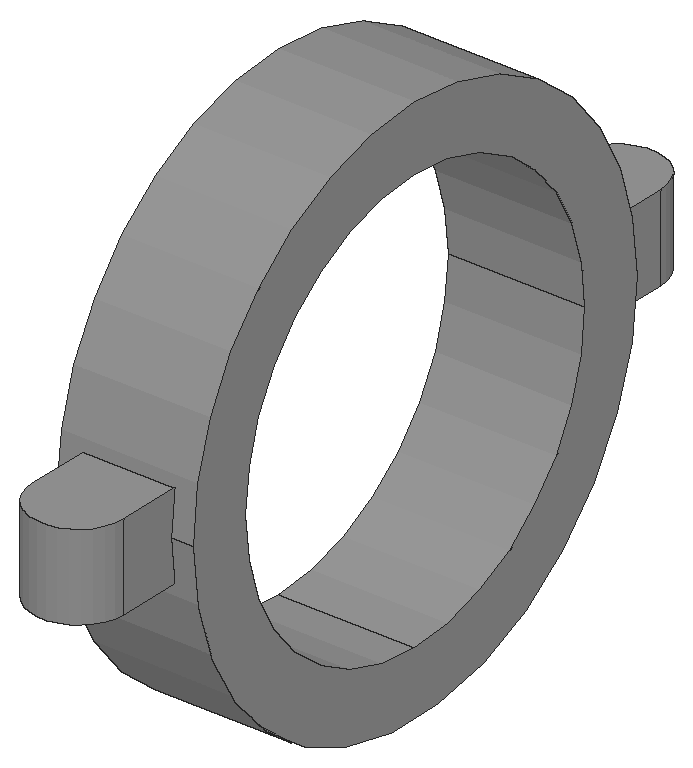
Revit family "Victaulic-IPS-Flexible Coupling-Style 77", category Pipe Fittings, Revit 2027
Family settings
  Round Connector Dimension = Use Radius
  Part Type = Flange
  Classification Number = 23.60.30.11.14
  Work Plane-Based = No
  Always vertical = Yes
  Cut with Voids When Loaded = No
  Shared = Yes
Parameters (values of type "Standard")
  Y [instance] = ((NDY / 2) - (NDX)) + 0.250"  # 1.875"
  Vic_Version = "1706013992"  # constant formula
  Vic_Submittal No = "06.04"  # constant formula
  URL = "http://www.Victaulic.com"
  Radius [instance] = (size_lookup(Lookup Table Name, "POD", Nominal Diameter, Nominal Diameter) / 2)  # 3.3125"
  Nominal Radius [instance] = 3.000"
  Nominal Diameter [instance] = Nominal Radius * 2  # 6.000"
  NDZ/4 [instance] = NDZ / 3  # 0.710"
  NDZ [instance] = size_lookup(Lookup Table Name, "NZ", 1.100", Nominal Diameter)  # 2.130"
  NDY/2 [instance] = NDY / 2  # 5.940"
  NDY [instance] = size_lookup(Lookup Table Name, "NY", 2.120", Nominal Diameter)  # 11.880"
  NDX [instance] = (size_lookup(Lookup Table Name, "NX", 1.000", Nominal Diameter) / 2)  # 4.315"
  N [instance] = Radius  # 3.3125"
  Model = "Style 77"  # constant formula
  Material = Victaulic
  Manufacturer = "VICTAULIC"  # constant formula
  Loss Method = K Coefficient from Table
  Lookup Table Name [instance] = "Victaulic-IPS-Flexible Coupling-Style 77"  # constant formula
  K Coefficient Table = "Reducer/Coupling/Union/Increaser"
  built-in parameter 1114238 [instance] = size_lookup(Lookup Table Name, "POD", 0.000", Nominal Diameter) = 0.000"  # (empty or 0)
  Description BOM [instance] = "VIC COUPLING STYLE 77 (FLEX)"  # constant formula
  Description = "VIC COUPLING STYLE 77 (FLEX)"  # constant formula
  Default Elevation = 0.000"
  DVL [instance] = size_lookup(Lookup Table Name, "DVL", 1.100", Nominal Diameter)  # 0.065"
  DV [instance] = size_lookup(Lookup Table Name, "DV", 1.100", Nominal Diameter)  # 0.230"
  Custom Tag = "(77 FLEX)"  # constant formula
  CoupGap [instance] = size_lookup(Lookup Table Name, "CoupGap", 0.750", Nominal Diameter)  # 0.065"
  Assembly Code = "D2090800"
Reference planes (in)
  plane 1 "Center (Front/Back)": y = 0
  plane 2: z = 0
  plane 3 "Center (Left/Right)": x = 0
  plane 4: y = 3.3125
  plane 5: x = -1.065
  plane 6: x = 1.065
  plane 7: y = -3.3125
  plane 8 "Center (Elevation)": z = 0
  plane 9: y = 5.94
  plane 10: y = -5.94
  plane 11 "Conn1": x = -0.0325
  plane 12 "Conn2": x = 0.0325
Forms (in)
  Sweep 1, void
    path in 3D
      loop
        line (-1.065, 0, 0) -> (1.065, 0, 0)
    profile "Pipe - Round : Pipe - Round" origin (0, 0, 0) x (0, 1, 0) y (0, 0, 1)
      loop
        arc (-3.3125, 0) -> (-2.34229, -2.34229) -> (0, -3.3125) r 3.3125
        arc (0, -3.3125) -> (2.34229, -2.34229) -> (3.3125, 0) r 3.3125
        arc (3.3125, 0) -> (2.34229, 2.34229) -> (0, 3.3125) r 3.3125
        arc (0, 3.3125) -> (-2.34229, 2.34229) -> (-3.3125, 0) r 3.3125
  Sweep 2, solid, material "Valve Body - Factory Epoxy (Dark Grey)", detail levels fine
    path in 3D
      loop
        line (-1.065, 0, 0) -> (1.065, 0, 0)
    profile origin (0, 0, 0) x (0, 1, 0) y (0, 0, 1)
      loop
        circle (0, 0) r 4.315
  Extrusion 3, solid, material "Valve Body - Factory Epoxy (Dark Grey)", detail levels fine
    sketch origin (0, 0, 0) x (1, 0, 0) y (0, 1, 0)
      loop
        line (0.71, -5.23) -> (0.71, -4.065) -> (-0.71, -4.065) -> (-0.71, -5.23)
        arc (-0.71, -5.23) -> (0, -5.94) -> (0.71, -5.23) r 0.71
    from -0.66797 to 0.66797
  Extrusion 4, solid, material "Valve Body - Factory Epoxy (Dark Grey)", detail levels fine
    sketch origin (0, 0, 0) x (1, 0, 0) y (0, 1, 0)
      loop
        arc (0.71, 5.23) -> (0, 5.94) -> (-0.71, 5.23) r 0.71
        line (-0.71, 5.23) -> (-0.71, 4.065) -> (0.71, 4.065) -> (0.71, 5.23)
    from -0.66797 to 0.66797
Cuts and joins
  Sweep 1 cuts Sweep 2
Lines and regions (in)
  reference lines
    curve 1: line (-1.065, 0, 0) -> (1.065, 0, 0)
  sketch lines
    curve 2: line (-1.065, 0, 0) -> (1.065, 0, 0)
    curve 3: line (-1.065, 0, 0) -> (1.065, 0, 0)
  model lines, style "zLines", detail levels coarse+medium
    curve 4: line (-1.065, 4.315, 0) -> (-1.065, -4.315, 0)
    curve 5: line (1.065, -4.315, 0) -> (1.065, 4.315, 0)
    curve 6: arc (-1.065, 4.315, 0) -> (0, 5.38, 0) -> (1.065, 4.315, 0) r 1.065
    curve 7: arc (-1.065, -4.315, 0) -> (0, -5.38, 0) -> (1.065, -4.315, 0) r 1.065
  model lines, style "zLines", detail levels medium
    curve 8: line (-1.065, 0, 4.315) -> (-1.065, 0, -4.315)
    curve 9: line (1.065, 0, 4.315) -> (1.065, 0, -4.315)
    curve 10: arc (-1.065, 0, 4.315) -> (0, 0, 5.38) -> (1.065, 0, 4.315) r 1.065
    curve 11: arc (-1.065, 0, -4.315) -> (0, 0, -5.38) -> (1.065, 0, -4.315) r 1.065
    curve 12: arc (0, -4.315, 0) -> (0, 0, 4.315) -> (0, 4.315, 0) r 4.315
    curve 13: arc (0, 4.315, 0) -> (0, 0, -4.315) -> (0, -4.315, 0) r 4.315
    curve 14: arc (0, -3.3125, 0) -> (0, -2.34229, -2.34229) -> (0, 0, -3.3125) r 3.3125
    curve 15: arc (0, 0, -3.3125) -> (0, 2.34229, -2.34229) -> (0, 3.3125, 0) r 3.3125
    curve 16: arc (0, 3.3125, 0) -> (0, 2.34229, 2.34229) -> (0, 0, 3.3125) r 3.3125
    curve 17: arc (0, 0, 3.3125) -> (0, -2.34229, 2.34229) -> (0, -3.3125, 0) r 3.3125
Dimensions and locks (in)
  equal spacing: plane 5, plane 3 "Center (Left/Right)", plane 6
  "NDZ": plane 5 to plane 6
  "Radius": plane 1 "Center (Front/Back)" to plane 4
  "Radius": plane 7 to plane 1 "Center (Front/Back)"
  "NDY": plane 9 to plane 10
  "NDY/2": plane 1 "Center (Front/Back)" to plane 9
  plane 10 to plane 1 "Center (Front/Back)" = 5.940"
  "Y": Extrusion 3 sketch curve to Extrusion 3 sketch curve
  equal spacing: Extrusion 3 sketch curve, plane 3 "Center (Left/Right)", Extrusion 3 sketch curve
  "NDZ/4": plane 3 "Center (Left/Right)" to Extrusion 3 sketch curve
  "Y": plane 10 to Extrusion 3 sketch curve
  equal spacing: Extrusion 4 sketch curve, plane 3 "Center (Left/Right)", Extrusion 4 sketch curve
  "NDZ/4": plane 3 "Center (Left/Right)" to Extrusion 4 sketch curve
  "Y": Extrusion 4 sketch curve to plane 9
  "Y": Extrusion 4 sketch curve to Extrusion 4 sketch curve
  equal spacing: plane 11 "Conn1", plane 3 "Center (Left/Right)", plane 12 "Conn2"
  "CoupGap": plane 11 "Conn1" to plane 12 "Conn2"
  equal spacing: curve 4, plane 1 "Center (Front/Back)", curve 4
  equal spacing: curve 5, plane 1 "Center (Front/Back)", curve 5
  "NDX": curve 5 to plane 1 "Center (Front/Back)"
  "NDX": plane 1 "Center (Front/Back)" to curve 4
  equal spacing: curve 8, plane 8 "Center (Elevation)", curve 8
  "NDX": curve 8 to plane 8 "Center (Elevation)"
  equal spacing: curve 9, level, curve 9
  "NDX": level to curve 9
  "NDX": radius of Sweep 2 sketch curve
  aligned and locked: plane 6 to curve 1
  aligned and locked: plane 5 to curve 1
  aligned and locked: plane 1 "Center (Front/Back)" to curve 1
  aligned and locked: curve 4 to cut or joined group of Sweep 1, Sweep 2
  aligned and locked: plane 6 to curve 5
  aligned and locked: curve 8 to cut or joined group of Sweep 1, Sweep 2
  aligned and locked: curve 9 to cut or joined group of Sweep 1, Sweep 2
  aligned and locked: curve 12 to cut or joined group of Sweep 1, Sweep 2
  aligned and locked: curve 13 to cut or joined group of Sweep 1, Sweep 2
  aligned and locked: curve 14 to cut or joined group of Sweep 1, Sweep 2
  aligned and locked: curve 15 to cut or joined group of Sweep 1, Sweep 2
  aligned and locked: curve 16 to cut or joined group of Sweep 1, Sweep 2
  aligned and locked: curve 17 to cut or joined group of Sweep 1, Sweep 2
Automatic sketch dimensions
  Sweep 2 sketch curve to profile plane = 0.000"  (x2)
Connectors (in)
  piping at (-0.0325, 0, 0), diameter 6, driven by "Nominal Radius"
    settings: index 1, connector inside diameter 6.000", connector length 0.000", flow factor 0, pipe flow 0 GPM, pressure drop 0.00 psi, fitting loss kfactor 0, connector angle 0.00°, fixture units 0, engagement length 0.000", angle of deflection 0.00°, flow configuration 0, flow direction 0, fitting loss method 0, system type 28, joint type 0, gender type 0, connector reference index 2, connector utility 0, adjustable connector no, is connector primary yes, connector description ""
  piping at (0.0325, 0, 0), diameter 6, driven by "Nominal Radius"
    settings: index 2, connector inside diameter 6.000", connector length 0.000", flow factor 0, pipe flow 0 GPM, pressure drop 0.00 psi, fitting loss kfactor 0, connector angle 0.00°, fixture units 0, engagement length 0.000", angle of deflection 0.00°, flow configuration 0, flow direction 0, fitting loss method 0, system type 28, joint type 0, gender type 0, connector reference index 1, connector utility 0, adjustable connector no, is connector primary no, connector description ""
